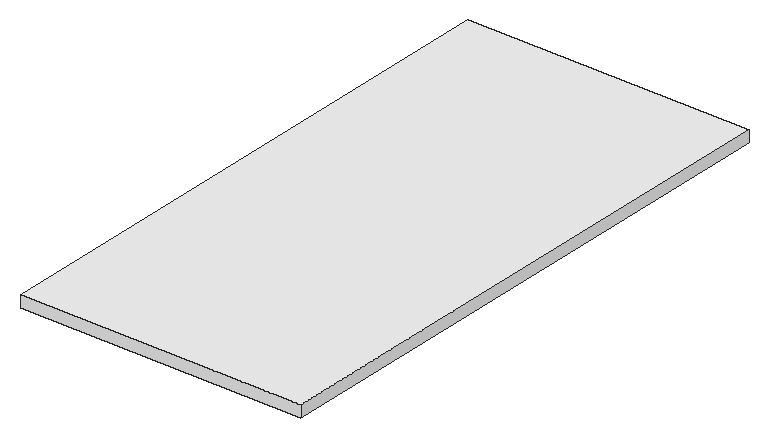
Revit family "CFAB - Ceiling and Wall Panels", category Specialty Equipment, Revit 2023
Family settings
  Round Connector Dimension = Use Diameter
  Part Type = Normal
  OmniClass Number = 23.35.00.00
  OmniClass Title = Covering, Cladding, and Finishes
  Work Plane-Based = Yes
  Enable Cutting in Views = Yes
  Always vertical = No
  Cut with Voids When Loaded = No
  Maintain Annotation Orientation = No
  Shared = No
  Room Calculation Point = No
Parameters (values of type "2 INCH - 48X96")
  ‍      2. Thickness 2" = Thickness Options = 2  # yes
  ‍      1. Thickness 1 1/2" = Thickness Options = 1  # no
  ‍      0. Thickness 1" = Thickness Options = 0  # no
  URL = "https://www.acousticalsurfaces.com/cellulose-panel/cellulose-panels.html"
  Type Comments = "Acoustic panels for vertical and horizontal surfaces"
  Thickness Options = 2
  T = if(Thickness Options = 0, 0' 1", 0' 0") + if(Thickness Options = 1, 0' 1 1/2", 0' 0") + if(Thickness Options = 2, 0' 2", 0' 0")  # 0' - 2"
  Recycled Content Percentage = "0%"
  Model = "CFAB Cellulose Absorptive Acoustical Panels"
  Material = "CFAB - Cellulose Absorptive Acoustical Panels"
  Manufacturer = "Acoustical Surfaces, Inc."
  Fire Rating = "ASTM E84 - Class A"
  Finish = Paint - Acoustical-Surfaces - CFAB
  Width = 8' - 0"
  Length = 4' - 0"
  Description = "Acoustic Panels"
  Default Elevation = 4' - 0"
  Assembly Code = "C30"
  Acoustics - NRC = "Sound absorption varies from NRC 0.45 to 0.95 based on installation method used when tested per ASTM C423."
  A = 0' - 0"
Types (15): name | ‍      2. Thickness 2" | ‍      1. Thickness 1 1/2" | ‍      0. Thickness 1" | Thickness Options | T | Width | Length
  2 INCH - 48X96 | yes | no | no | 2 | 0' - 2" | 8' - 0" | 4' - 0"
  1.5 INCH - 48X96 | no | yes | no | 1 | 0' - 1 1/2" | 8' - 0" | 4' - 0"
  1 INCH - 48X96 | no | no | yes | 0 | 0' - 1" | 8' - 0" | 4' - 0"
  2 INCH - 48X48 | yes | no | no | 2 | 0' - 2" | 4' - 0" | 4' - 0"
  1.5 INCH - 48X48 | no | yes | no | 1 | 0' - 1 1/2" | 4' - 0" | 4' - 0"
  1 INCH - 48X48 | no | no | yes | 0 | 0' - 1" | 4' - 0" | 4' - 0"
  2 INCH - 24X24 | yes | no | no | 2 | 0' - 2" | 2' - 0" | 2' - 0"
  1.5 INCH - 24X24 | no | yes | no | 1 | 0' - 1 1/2" | 2' - 0" | 2' - 0"
  1 INCH - 24X24 | no | no | yes | 0 | 0' - 1" | 2' - 0" | 2' - 0"
  2 INCH - 12X12 | yes | no | no | 2 | 0' - 2" | 1' - 0" | 1' - 0"
  1.5 INCH - 12X12 | no | yes | no | 1 | 0' - 1 1/2" | 1' - 0" | 1' - 0"
  1 INCH - 12X12 | no | no | yes | 0 | 0' - 1" | 1' - 0" | 1' - 0"
  2 INCH - 24x48 | yes | no | no | 2 | 0' - 2" | 2' - 0" | 4' - 0"
  1.5 INCH - 24x48 | no | yes | no | 1 | 0' - 1 1/2" | 2' - 0" | 4' - 0"
  1 INCH - 24x48 | no | no | yes | 0 | 0' - 1" | 2' - 0" | 4' - 0"
Reference planes (in)
  plane 1 "Center (Front/Back)": y = 0
  plane 2: z = 0
  plane 3 "Center (Left/Right)": x = 0
  plane 4: x = -24
  plane 5: x = 24
  plane 6: y = 48
  plane 7: y = -48
  plane 8: z = 2
Dimensions and locks (in)
  "A": nested 1 to level
  equal spacing: plane 4, plane 3 "Center (Left/Right)", plane 5
  "Length": plane 4 to plane 5
  equal spacing: plane 7, plane 1 "Center (Front/Back)", plane 6
  "Width": plane 7 to plane 6
  "T": plane 8 to plane 2
  aligned and locked: level to plane 2
Nested families (in)
  nested 1: "Square" at (0, 0, 0), type "Square"
    with Thickness 0' - 2", B 8' - 0"
Definition of nested family "Square"
  Parameters (values of type "Square")
    Thickness = 0' - 1"
    Material = none
    Default Elevation = 0' - 0"
    B = 2' - 0"
    A = 4' - 0"
  Reference planes (in)
    plane 1 "Center (Front/Back)": y = 0
    plane 2: z = 0
    plane 3 "Center (Left/Right)": x = 0
    plane 4: x = -24
    plane 5: x = 24
    plane 6: y = 12
    plane 7: y = -12
    plane 8: z = 1
  Forms (in)
    Extrusion 1, solid, material <- "Material"
      sketch origin (0, 0, 0) x (1, 0, 0) y (0, 1, 0)
        loop
          line (24, 12) -> (-24, 12) -> (-24, -12) -> (24, -12) -> (24, 12)
      from 0 to 1
  Dimensions and locks (in)
    equal spacing: plane 4, plane 3 "Center (Left/Right)", plane 5
    equal spacing: plane 7, plane 1 "Center (Front/Back)", plane 6
    "B": plane 7 to plane 6
    "A": plane 4 to plane 5
    "Thickness": plane 8 to level
    aligned and locked: level to plane 2
    aligned and locked: Extrusion 1 sketch curve to plane 4
    aligned and locked: plane 5 to Extrusion 1 sketch curve
    aligned and locked: Extrusion 1 sketch curve to plane 6
    aligned and locked: Extrusion 1 sketch curve to plane 7
    aligned and locked: Extrusion 1 to plane 8
